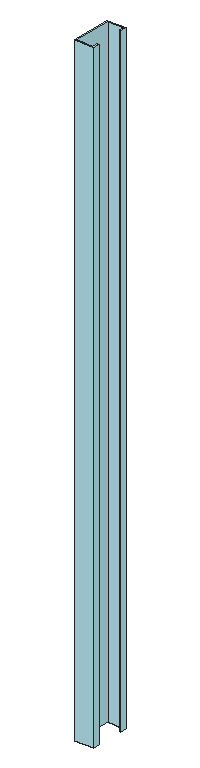
Revit family "lg65x30x10x2-3", category 機械設備, Revit 2022
Family settings
  丸型コネクタ寸法 = 直径を使用
  種別 = なし
  パーツ タイプ = 標準
  作業面ベース = いいえ
  常に垂直 = はい
  ロード時にボイドで切り取り = いいえ
  注釈の向きを維持 = いいえ
  共有 = いいえ
  部屋計算ポイント = いいえ
Parameters
  製造元 = "株式会社桐井製作所"
  既定の高さ = 0 mm
  URL = "https://www.kirii.co.jp/"
  K_長さ(mm) [instance] = 1000 mm
  K_材質 = "SSC400"
  K_外形寸法(mm) = "65×30×10×2.3"
  K_品名 = "(JIS)65×30×10×2.3"
  K_名称 = "補強材"
  K_単位質量(kg/m) = 2.369
  K_バージョン情報 = "20210524"
  K_めっき付着量 = "Z12"
  K_JIS規格 = "JIS G 3350"
Reference planes
  plane 1 "中心(正面/背面)": y = 0
  plane 2: z = 0
  plane 3 "中心(左/右)": x = 0
  plane 4: z = 1000
  plane 5: y = 65
Forms (mm)
  Extrusion 1, solid
    sketch origin (0, 0, 0) x (1, 0, 0) y (0, 1, 0)
      loop
        line (0, 0) -> (30, 0) -> (30, 10) -> (27.7, 10) -> (27.7, 2.3) -> (2.3, 2.3) -> (2.3, 62.7) -> (27.7, 62.7) -> (27.7, 55) -> (30, 55) -> (30, 65) -> (0, 65) -> (0, 0)
    from 0 to 1000
Dimensions and locks
  "K_長さ(mm)": plane 4 to plane 2
  aligned and locked: level to plane 2
  aligned and locked: plane 4 to Extrusion 1
Automatic sketch dimensions
  Extrusion 1 sketch curve to plane 3 "中心(左/右)" = 0 mm
  plane 1 "中心(正面/背面)" to Extrusion 1 sketch curve = 0 mm
  plane 3 "中心(左/右)" to Extrusion 1 sketch curve = 2.3 mm
  Extrusion 1 sketch curve to plane 1 "中心(正面/背面)" = 10 mm
  Extrusion 1 sketch curve to Extrusion 1 sketch curve = 25.4 mm  (x2)
  Extrusion 1 sketch curve to Extrusion 1 sketch curve = 2.3 mm  (x3)
  Extrusion 1 sketch curve to plane 1 "中心(正面/背面)" = 2.3 mm
  Extrusion 1 sketch curve to Extrusion 1 sketch curve = 45 mm
  Extrusion 1 sketch curve to Extrusion 1 sketch curve = 7.7 mm
